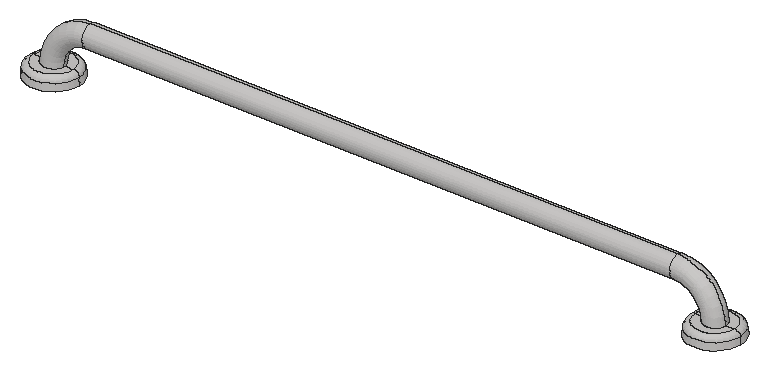
Revit family "84710040 virtu comfort grab rail 1000mm", category Plumbing Fixtures, host Face, Revit 2015
Parameters (values of type "Virtu Comfort Grab Rail 1000mm")
  Waste Connection = no
  Vent Connection = no
  URL = "https://www.caroma.com.au/"
  Rail_Width = 1000 mm
  Rail_Height = 73 mm
  Model = "84710040"
  Material_Base = GWA_Metal-Stainless
  Manufacturer = "GWA Bathrooms & Kitchens"  # constant formula
  HW Connection = no
  Description = "Virtu Comfort Grab Rail 1000mm"
  Default Elevation = 0 mm
  CreatedBy_ANZRS = "GWA Bathrooms & Kitchens"  # constant formula
  CW Connection = no
  Assembly Code = "C1030200"
Reference planes
  plane 1 "Center (Front/Back)": y = 0
  plane 2: z = 0
  plane 3 "Center (Left/Right)": x = 0
  plane 4 "Left": x = -500
  plane 5 "Right": x = 500
  plane 6 "Rail_Centre": z = 73
Forms (mm)
  Revolve 1, solid, material "GWA_Metal-Stainless" <- "Material_Base"
    sketch origin (0, 0, 0) x (1, 0, 0) y (0, 0, 1)
      loop
        line (-517, 16.9) -> (-517, 18) -> (-529.753, 18)
        arc (-529.753, 18) -> (-535.44, 15.817) -> (-538.206, 10.39) r 8.5
        line (-538.206, 10.39) -> (-539.3, 0) -> (-538.194, 0) -> (-537.112, 10.275)
        arc (-537.112, 10.275) -> (-534.704, 15) -> (-529.753, 16.9) r 7.4
        line (-529.753, 16.9) -> (-517, 16.9)
      axis (-500, 18) -> (-500, 0)
    angle from 0 to 360
  Revolve 2, solid, material "GWA_Metal-Stainless" <- "Material_Base"
    sketch origin (300, 0, 0) x (1, 0, 0) y (0, 0, 1)
      loop
        line (183, 16.9) -> (183, 18) -> (170.247, 18)
        arc (170.247, 18) -> (164.56, 15.817) -> (161.794, 10.39) r 8.5
        line (161.794, 10.39) -> (160.7, 0) -> (161.806, 0) -> (162.888, 10.275)
        arc (162.888, 10.275) -> (165.296, 15) -> (170.247, 16.9) r 7.4
        line (170.247, 16.9) -> (183, 16.9)
      axis (200, 18) -> (200, 0)
    angle from 0 to 360
  Sweep 3, solid, material "GWA_Metal-Stainless" <- "Material_Base"
    path origin (0, 0, 0) x (1, 0, 0) y (0, 0, 1)
      loop
        line (-500, 0) -> (-500, 17)
        arc (-500, 17) -> (-483.598, 56.598) -> (-444, 73) r 56
        line (-444, 73) -> (444, 73)
        arc (444, 73) -> (483.598, 56.598) -> (500, 17) r 56
        line (500, 17) -> (500, 0)
    profile origin (-500, 0, 8.5) x (-1, 0, 0) y (0, -1, 0)
      loop
        circle (0, 0) r 16
Lines and regions (mm)
  Masking region 1
    outline origin (0, 0, 40) x (-1, 0, 0) y (0, -1, 0)
      loop
        arc (464.104, -16) -> (539.3, 0) -> (464.104, 16) r 39.3
        line (464.104, 16) -> (-464.104, 16)
        arc (-464.104, 16) -> (-539.3, 0) -> (-464.104, -16) r 39.3
        line (-464.104, -16) -> (464.104, -16)
  Masking region 2
    outline origin (0, 0, 0) x (1, 0, 0) y (0, 0, 1)
      loop
        line (-539.3, 0) -> (-460.7, 0) -> (-461.792, 10.388)
        arc (-461.792, 10.388) -> (-464.558, 15.817) -> (-470.245, 18) r 8.5
        line (-470.245, 18) -> (-483.987, 18)
        arc (-483.987, 18) -> (-471.928, 45.636) -> (-444, 57) r 40
        line (-444, 57) -> (444, 57)
        arc (444, 57) -> (471.928, 45.636) -> (483.987, 18) r 40
        line (483.987, 18) -> (470.245, 18)
        arc (470.245, 18) -> (464.558, 15.817) -> (461.792, 10.388) r 8.5
        line (461.792, 10.388) -> (460.7, 0) -> (539.3, 0) -> (538.208, 10.388)
        arc (538.208, 10.388) -> (535.442, 15.817) -> (529.755, 18) r 8.5
        line (529.755, 18) -> (515.993, 18)
        arc (515.993, 18) -> (494.557, 68.264) -> (444, 89) r 72
        line (444, 89) -> (-444, 89)
        arc (-444, 89) -> (-494.557, 68.264) -> (-515.993, 18) r 72
        line (-515.993, 18) -> (-529.755, 18)
        arc (-529.755, 18) -> (-535.442, 15.817) -> (-538.208, 10.388) r 8.5
        line (-538.208, 10.388) -> (-539.3, 0)
  Masking region 3
    outline origin (0, 0, 0) x (0, 1, 0) y (0, 0, 1)
      loop
        line (-39.3, 0) -> (39.3, 0) -> (38.208, 10.388)
        arc (38.208, 10.388) -> (35.442, 15.817) -> (29.755, 18) r 8.5
        line (29.755, 18) -> (16, 18) -> (16, 73)
        arc (16, 73) -> (0, 89) -> (-16, 73) r 16
        line (-16, 73) -> (-16, 18) -> (-29.755, 18)
        arc (-29.755, 18) -> (-35.442, 15.817) -> (-38.208, 10.388) r 8.5
        line (-38.208, 10.388) -> (-39.3, 0)
  symbolic lines
    curve 1: arc (-517, 0, 40) -> (-509.758, 13.92, 40) -> (-494.203, 15.981, 40) r 17
    curve 2: arc (-494.203, -15.981, 40) -> (-509.758, -13.92, 40) -> (-517, 0, 40) r 17
    curve 3: arc (-464.104, 16, 40) -> (-539.3, 0, 40) -> (-464.104, -16, 40) r 39.3
    curve 4: arc (494.255, 16, 40) -> (517, 0, 40) -> (494.255, -16, 40) r 17
    curve 5: line (500, 16, 40) -> (464.104, 16, 40)
    curve 6: line (500, -16, 40) -> (464.104, -16, 40)
    curve 7: arc (500, 16, 40) -> (516, 0, 40) -> (500, -16, 40) r 16
    curve 8: arc (-500, -16, 40) -> (-516, 0, 40) -> (-500, 16, 40) r 16
    curve 9: arc (-494.203, 15.981, 40) -> (-517, 0, 40) -> (-494.203, -15.981, 40) r 17
    curve 10: line (-500, 16, 40) -> (-464.104, 16, 40)
    curve 11: line (-515.993, 0, 18) -> (-483.987, 0, 18)
    curve 12: line (483.987, 0, 18) -> (515.993, 0, 18)
    curve 13: line (0, -16, 18) -> (0, 16, 18)
    curve 14: line (-464.104, -16, 40) -> (-500, -16, 40)
Dimensions and locks
  "Rail_Width": plane 4 "Left" to plane 5 "Right"
  equal spacing: plane 4 "Left", plane 3 "Center (Left/Right)", plane 5 "Right"
  "Rail_Height": plane 6 "Rail_Centre" to host face
  aligned and locked: plane 2 to host face
  aligned and locked: level to host face
Automatic sketch dimensions
  host sketch curve to host sketch curve = 2438.4 mm  (x2)
  Revolve 1 sketch curve to Revolve 1 sketch curve = 0 mm  (x2)
  Revolve 1 sketch curve to level = 0 mm
  Revolve 1 sketch curve to plane 4 "Left" = 0 mm
  Revolve 1 sketch curve to plane 4 "Left" = 17 mm
  Revolve 1 sketch curve to Revolve 1 sketch curve = 12.753 mm
  level to Revolve 1 sketch curve = 10.275 mm
  Revolve 1 sketch curve to Revolve 1 sketch curve = 7.359 mm
  Revolve 1 sketch curve to Revolve 1 sketch curve = 1.082 mm
  level to Revolve 1 sketch curve = 10.39 mm
  Revolve 1 sketch curve to Revolve 1 sketch curve = 1.094 mm
  Revolve 1 sketch curve to Revolve 1 sketch curve = 1.106 mm
  Revolve 1 sketch curve to Revolve 1 sketch curve = 0.775 mm
  level to Revolve 1 sketch curve = 7.862 mm
  Revolve 1 sketch curve to Revolve 1 sketch curve = 12.173 mm
  Revolve 2 sketch curve to Revolve 2 sketch curve = 0 mm  (x2)
  Revolve 2 sketch curve to level = 0 mm
  Revolve 2 sketch curve to plane 5 "Right" = 0 mm
  Revolve 2 sketch curve to plane 5 "Right" = 17 mm
  Revolve 2 sketch curve to Revolve 2 sketch curve = 12.753 mm
  level to Revolve 2 sketch curve = 10.275 mm
  Revolve 2 sketch curve to Revolve 2 sketch curve = 7.359 mm
  Revolve 2 sketch curve to Revolve 2 sketch curve = 1.082 mm
  level to Revolve 2 sketch curve = 10.39 mm
  Revolve 2 sketch curve to Revolve 2 sketch curve = 1.094 mm
  Revolve 2 sketch curve to Revolve 2 sketch curve = 1.106 mm
  Revolve 2 sketch curve to Revolve 2 sketch curve = 0.775 mm
  level to Revolve 2 sketch curve = 7.862 mm
  Revolve 2 sketch curve to Revolve 2 sketch curve = 12.173 mm
  Sweep 3 sketch curve to plane 4 "Left" = 0 mm
  Sweep 3 sketch curve to plane 6 "Rail_Centre" = 0 mm
  Sweep 3 sketch curve to plane 5 "Right" = 0 mm
  Sweep 3 sketch curve to level = 0 mm  (x2)
  plane 4 "Left" to Sweep 3 sketch curve = 56 mm
  level to Sweep 3 sketch curve = 17 mm
  plane 1 "Center (Front/Back)" to Sweep 3 sketch curve = 0 mm
  Sweep 3 sketch curve to profile plane = 0 mm
  Masking region 1 sketch curve to plane 5 "Right" = 0 mm
  Masking region 1 sketch curve to plane 5 "Right" = 35.896 mm
  Masking region 1 sketch curve to plane 1 "Center (Front/Back)" = 16 mm
  plane 4 "Left" to Masking region 1 sketch curve = 35.896 mm
  Masking region 1 sketch curve to Masking region 1 sketch curve = 0 mm
  plane 1 "Center (Front/Back)" to Masking region 1 sketch curve = 0 mm  (x2)
  Masking region 1 sketch curve to plane 4 "Left" = 0 mm
  Masking region 2 sketch curve to Masking region 2 sketch curve = 0 mm  (x4)
  Masking region 2 sketch curve to level = 0 mm  (x2)
  Masking region 2 sketch curve to plane 4 "Left" = 39.3 mm
  level to Masking region 2 sketch curve = 10.388 mm  (x4)
  Masking region 2 sketch curve to Masking region 2 sketch curve = 1.092 mm  (x4)
  Masking region 2 sketch curve to Masking region 2 sketch curve = 8.453 mm  (x4)
  Masking region 2 sketch curve to plane 4 "Left" = 15.993 mm
  level to Masking region 2 sketch curve = 9.5 mm  (x2)
  Masking region 2 sketch curve to plane 6 "Rail_Centre" = 16 mm
  plane 5 "Right" to Masking region 2 sketch curve = 15.993 mm
  plane 5 "Right" to Masking region 2 sketch curve = 29.755 mm
  plane 4 "Left" to Masking region 2 sketch curve = 16.013 mm
  Masking region 2 sketch curve to Masking region 2 sketch curve = 0.888 mm  (x2)
  plane 6 "Rail_Centre" to Masking region 2 sketch curve = 16 mm
  Masking region 2 sketch curve to Masking region 2 sketch curve = 16.7 mm
  Masking region 2 sketch curve to Masking region 2 sketch curve = 13.742 mm  (x2)
  curve 11 to plane 4 "Left" = 15.993 mm
  level to curve 11 = 18 mm
  plane 4 "Left" to curve 11 = 16.013 mm
  curve 12 to plane 5 "Right" = 16.013 mm
  plane 5 "Right" to curve 12 = 15.993 mm
  level to curve 12 = 18 mm
  Masking region 3 sketch curve to level = 0 mm
  Masking region 3 sketch curve to plane 1 "Center (Front/Back)" = 0 mm
  plane 1 "Center (Front/Back)" to Masking region 3 sketch curve = 16 mm
  Masking region 3 sketch curve to Masking region 3 sketch curve = 13.755 mm
  level to Masking region 3 sketch curve = 10.388 mm  (x2)
  Masking region 3 sketch curve to Masking region 3 sketch curve = 8.453 mm  (x2)
  Masking region 3 sketch curve to Masking region 3 sketch curve = 1.092 mm  (x2)
  level to Masking region 3 sketch curve = 9.5 mm
  Masking region 3 sketch curve to plane 1 "Center (Front/Back)" = 29.755 mm
  Masking region 3 sketch curve to Masking region 3 sketch curve = 55 mm
  Masking region 3 sketch curve to plane 6 "Rail_Centre" = 0 mm
  plane 1 "Center (Front/Back)" to curve 13 = 16 mm
  level to curve 13 = 18 mm
  curve 13 to plane 1 "Center (Front/Back)" = 16 mm
  curve 1 to curve 2 = 0 mm
  curve 1 to curve 3 = 0 mm  (x2)
  curve 1 to curve 8 = 0 mm  (x2)
  curve 1 to curve 9 = 0 mm
  curve 4 to curve 7 = 0 mm  (x2)
  curve 6 to plane 5 "Right" = 0 mm
  plane 1 "Center (Front/Back)" to curve 8 = 0 mm
  curve 8 to plane 4 "Left" = 0 mm
  plane 1 "Center (Front/Back)" to curve 4 = 0 mm
  curve 5 to plane 1 "Center (Front/Back)" = 16 mm
  curve 5 to curve 4 = 5.745 mm
  curve 4 to curve 6 = 30.151 mm
  curve 4 to curve 5 = 30.151 mm
  plane 1 "Center (Front/Back)" to curve 14 = 16 mm
  curve 14 to curve 3 = 0 mm
  plane 4 "Left" to curve 9 = 5.797 mm  (x2)
  curve 1 to curve 1 = 17 mm
  radius of Sweep 3 sketch curve = 16 mm
